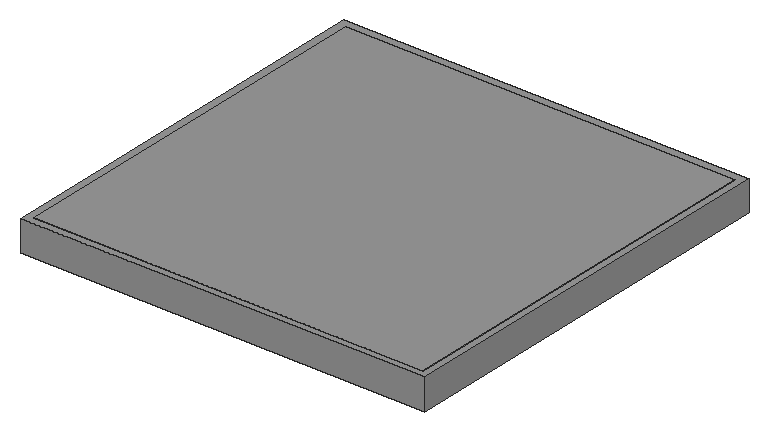
Revit family "ДВО-09 30 Вт Грильято DALI", category Осветительные приборы, Revit 2019 (continued)
Types (6, lengths in mm): name | Эффективность светильника | Файл фотометрической сетки | Тип рассеивателя | Световой поток модуля | built-in parameter 1150142 | Wattage | built-in parameter 1114217 | built-in parameter 1150134 | Lumens | built-in parameter 1150105 | Категория по ограничению яркости | built-in parameter 1150107 | built-in parameter 1150106 | Габаритная яркость | Артикул | URL
    0 0.0 0.0 0.0 0.0 0.0 0.0 0.0 0.0 0.0 0.0 0.0 0.0 0.0 0.0 0.0 0.0 0.0 0.0 0.0 0.0 0.0 0.0 0.0 0.0 0.0 0.0 0.0 0.0 0.0 0.0 0.0 0.0 0.0 0.0 0.0 0.0 0.0 0.0 0.0 0.0 0.0 0.0 0.0 0.0 0.0 0.0 0.0 0.0 0.0 0.0 0.0 0.0 0.0 0.0 0.0 0.0 0.0 0.0 0.0\r\n1213.1 1212.5 1211.4 1209.7 1207.7 1205.2 1202.4 1199.0 1195.1 1191.1 1186.4 1181.3 1175.8 1169.6 1163.1 1156.1 1148.7 1141.0 1132.7 1124.2 1115.2 1105.9 1096.5 1086.6 1076.2 1065.2 1054.2 1042.6 1030.9 1018.7 1006.2 993.3 980.2 966.5 952.8 939.0 924.7 910.3 895.5 880.5 865.0 849.3 833.2 816.8 800.2 783.4 766.4 749.3 732.0 714.6 697.1 679.1 660.9 642.4 623.7 604.6 585.4 566.0 546.5 526.9 507.2 487.3 467.1 446.8 426.5 405.8 385.0 364.5 343.5 322.9 301.9 281.4 260.6 240.4 219.8 200.1 180.2 161.0 141.9 123.4 105.7 88.9 73.1 58.6 45.7 34.3 25.1 18.0 12.9 9.6 7.6 6.6 6.2 6.1 6.2 6.2 6.2 6.2 6.3 6.3 0.0 0.0 0.0 0.0 0.0 0.0 0.0 0.0 0.0 0.0 0.0 0.0 0.0 0.0 0.0 0.0 0.0 0.0 0.0 0.0 0.0 0.0 0.0 0.0 0.0 0.0 0.0 0.0 0.0 0.0 0.0 0.0 0.0 0.0 0.0 0.0 0.0 0.0 0.0 0.0 0.0 0.0 0.0 0.0 0.0 0.0 0.0 0.0 0.0 0.0 0.0 0.0 0.0 0.0 0.0 0.0 0.0 0.0 0.0 0.0 0.0\r\n1213.1 1212.4 1211.4 1209.9 1207.9 1205.4 1202.5 1199.2 1195.4 1191.4 1186.7 1181.5 1176.1 1170.0 1163.6 1156.8 1149.5 1141.8 1133.8 1125.3 1116.3 1106.9 1097.4 1087.3 1076.9 1066.0 1055.1 1043.6 1032.1 1020.1 1007.7 995.1 982.0 968.3 954.5 940.5 926.0 911.6 896.4 881.5 865.6 850.1 833.9 817.7 801.0 784.3 767.3 750.5 733.2 716.1 698.4 680.8 662.5 644.3 625.5 606.7 587.4 568.2 548.4 528.9 509.0 489.1 468.8 448.8 428.2 407.8 387.1 366.6 345.6 325.0 304.0 283.4 262.5 242.3 221.7 201.9 182.0 162.7 143.6 124.9 107.4 90.3 74.6 59.7 46.8 35.2 26.0 18.6 13.5 10.1 7.9 6.9 6.3 6.1 6.2 6.2 6.2 6.2 6.3 6.4 0.0 0.0 0.0 0.0 0.0 0.0 0.0 0.0 0.0 0.0 0.0 0.0 0.0 0.0 0.0 0.0 0.0 0.0 0.0 0.0 0.0 0.0 0.0 0.0 0.0 0.0 0.0 0.0 0.0 0.0 0.0 0.0 0.0 0.0 0.0 0.0 0.0 0.0 0.0 0.0 0.0 0.0 0.0 0.0 0.0 0.0 0.0 0.0 0.0 0.0 0.0 0.0 0.0 0.0 0.0 0.0 0.0 0.0 0.0 0.0 0.0\r\n1213.1 1212.4 1211.2 1209.5 1207.3 1204.6 1201.4 1197.9 1193.9 1189.7 1184.8 1179.6 1173.9 1167.8 1161.1 1154.1 1146.5 1138.6 1130.3 1121.6 1112.5 1102.9 1093.3 1083.0 1072.6 1061.6 1050.5 1038.7 1027.0 1014.6 1002.0 989.0 975.7 961.8 947.9 933.7 919.2 904.6 889.6 874.5 859.0 843.5 827.5 811.2 794.7 777.8 760.8 743.6 726.1 708.5 690.7 672.6 654.3 635.8 617.2 598.2 579.1 559.8 540.3 520.6 500.6 480.7 460.3 440.2 419.4 399.0 378.2 357.6 336.7 316.2 295.3 275.0 254.3 234.4 214.1 194.5 175.0 156.0 137.2 119.1 101.8 85.3 70.0 55.8 43.3 32.6 23.9 17.1 12.4 9.3 7.5 6.7 6.4 6.3 6.4 6.4 6.3 6.4 6.5 6.6 0.0 0.0 0.0 0.0 0.0 0.0 0.0 0.0 0.0 0.0 0.0 0.0 0.0 0.0 0.0 0.0 0.0 0.0 0.0 0.0 0.0 0.0 0.0 0.0 0.0 0.0 0.0 0.0 0.0 0.0 0.0 0.0 0.0 0.0 0.0 0.0 0.0 0.0 0.0 0.0 0.0 0.0 0.0 0.0 0.0 0.0 0.0 0.0 0.0 0.0 0.0 0.0 0.0 0.0 0.0 0.0 0.0 0.0 0.0 0.0 0.0\r\n1213.1 1212.4 1211.0 1209.0 1206.6 1203.8 1200.3 1196.6 1192.3 1187.9 1182.9 1177.6 1171.6 1165.5 1158.5 1151.3 1143.5 1135.3 1126.8 1117.8 1108.6 1098.9 1089.1 1078.7 1068.2 1057.1 1045.8 1033.8 1021.8 1009.1 996.3 982.8 969.3 955.2 941.2 926.8 912.4 897.5 882.7 867.5 852.4 836.8 821.0 804.7 788.4 771.2 754.2 736.6 719.0 700.8 683.0 664.4 646.1 627.2 608.8 589.7 570.8 551.3 532.1 512.2 492.1 472.3 451.8 431.6 410.6 390.1 369.2 348.6 327.7 307.3 286.6 266.5 246.0 226.4 206.4 187.1 167.9 149.3 130.8 113.3 96.2 80.2 65.4 51.9 39.8 29.9 21.7 15.6 11.2 8.5 7.0 6.5 6.4 6.4 6.5 6.6 6.4 6.6 6.7 6.7 0.0 0.0 0.0 0.0 0.0 0.0 0.0 0.0 0.0 0.0 0.0 0.0 0.0 0.0 0.0 0.0 0.0 0.0 0.0 0.0 0.0 0.0 0.0 0.0 0.0 0.0 0.0 0.0 0.0 0.0 0.0 0.0 0.0 0.0 0.0 0.0 0.0 0.0 0.0 0.0 0.0 0.0 0.0 0.0 0.0 0.0 0.0 0.0 0.0 0.0 0.0 0.0 0.0 0.0 0.0 0.0 0.0 0.0 0.0 0.0 0.0\r\n1213.1 1212.5 1211.3 1209.5 1207.5 1205.0 1202.2 1198.8 1194.8 1190.7 1186.0 1181.0 1175.4 1169.1 1162.5 1155.4 1147.9 1140.1 1131.6 1123.0 1114.0 1104.9 1095.6 1085.8 1075.4 1064.4 1053.3 1041.6 1029.7 1017.2 1004.6 991.4 978.3 964.7 951.1 937.4 923.4 908.9 894.5 879.4 864.4 848.5 832.5 815.9 799.4 782.4 765.5 748.1 730.8 713.1 695.7 677.3 659.3 640.5 621.9 602.4 583.3 563.7 544.6 524.8 505.4 485.4 465.4 444.8 424.7 403.8 382.9 362.4 341.4 320.7 299.8 279.3 258.6 238.4 217.9 198.2 178.3 159.2 140.1 121.9 104.0 87.4 71.6 57.5 44.5 33.3 24.2 17.3 12.3 9.1 7.2 6.3 6.1 6.1 6.1 6.2 6.1 6.2 6.3 6.2 0.0 0.0 0.0 0.0 0.0 0.0 0.0 0.0 0.0 0.0 0.0 0.0 0.0 0.0 0.0 0.0 0.0 0.0 0.0 0.0 0.0 0.0 0.0 0.0 0.0 0.0 0.0 0.0 0.0 0.0 0.0 0.0 0.0 0.0 0.0 0.0 0.0 0.0 0.0 0.0 0.0 0.0 0.0 0.0 0.0 0.0 0.0 0.0 0.0 0.0 0.0 0.0 0.0 0.0 0.0 0.0 0.0 0.0 0.0 0.0 0.0\r\n1213.1 1212.5 1211.4 1209.7 1207.7 1205.2 1202.4 1199.0 1195.1 1191.1 1186.4 1181.3 1175.8 1169.6 1163.1 1156.1 1148.7 1141.0 1132.7 1124.2 1115.2 1105.9 1096.5 1086.6 1076.2 1065.2 1054.2 1042.6 1030.9 1018.7 1006.2 993.3 980.2 966.5 952.8 939.0 924.7 910.3 895.5 880.5 865.0 849.3 833.2 816.8 800.2 783.4 766.4 749.3 732.0 714.6 697.1 679.1 660.9 642.4 623.7 604.6 585.4 566.0 546.5 526.9 507.2 487.3 467.1 446.8 426.5 405.8 385.0 364.5 343.5 322.9 301.9 281.4 260.6 240.4 219.8 200.1 180.2 161.0 141.9 123.4 105.7 88.9 73.1 58.6 45.7 34.3 25.1 18.0 12.9 9.6 7.6 6.6 6.2 6.1 6.2 6.2 6.2 6.2 6.3 6.3 0.0 0.0 0.0 0.0 0.0 0.0 0.0 0.0 0.0 0.0 0.0 0.0 0.0 0.0 0.0 0.0 0.0 0.0 0.0 0.0 0.0 0.0 0.0 0.0 0.0 0.0 0.0 0.0 0.0 0.0 0.0 0.0 0.0 0.0 0.0 0.0 0.0 0.0 0.0 0.0 0.0 0.0 0.0 0.0 0.0 0.0 0.0 0.0 0.0 0.0 0.0 0.0 0.0 0.0 0.0 0.0 0.0 0.0 0.0 0.0 0.0\r\n1213.1 1212.4 1211.4 1209.9 1207.9 1205.4 1202.5 1199.2 1195.4 1191.4 1186.7 1181.5 1176.1 1170.0 1163.6 1156.8 1149.5 1141.8 1133.8 1125.3 1116.3 1106.9 1097.4 1087.3 1076.9 1066.0 1055.1 1043.6 1032.1 1020.1 1007.7 995.1 982.0 968.3 954.5 940.5 926.0 911.6 896.4 881.5 865.6 850.1 833.9 817.7 801.0 784.3 767.3 750.5 733.2 716.1 698.4 680.8 662.5 644.3 625.5 606.7 587.4 568.2 548.4 528.9 509.0 489.1 468.8 448.8 428.2 407.8 387.1 366.6 345.6 325.0 304.0 283.4 262.5 242.3 221.7 201.9 182.0 162.7 143.6 124.9 107.4 90.3 74.6 59.7 46.8 35.2 26.0 18.6 13.5 10.1 7.9 6.9 6.3 6.1 6.2 6.2 6.2 6.2 6.3 6.4 0.0 0.0 0.0 0.0 0.0 0.0 0.0 0.0 0.0 0.0 0.0 0.0 0.0 0.0 0.0 0.0 0.0 0.0 0.0 0.0 0.0 0.0 0.0 0.0 0.0 0.0 0.0 0.0 0.0 0.0 0.0 0.0 0.0 0.0 0.0 0.0 0.0 0.0 0.0 0.0 0.0 0.0 0.0 0.0 0.0 0.0 0.0 0.0 0.0 0.0 0.0 0.0 0.0 0.0 0.0 0.0 0.0 0.0 0.0 0.0 0.0\r\n1213.1 1212.4 1211.2 1209.5 1207.3 1204.6 1201.4 1197.9 1193.9 1189.7 1184.8 1179.6 1173.9 1167.8 1161.1 1154.1 1146.5 1138.6 1130.3 1121.6 1112.5 1102.9 1093.3 1083.0 1072.6 1061.6 1050.5 1038.7 1027.0 1014.6 1002.0 989.0 975.7 961.8 947.9 933.7 919.2 904.6 889.6 874.5 859.0 843.5 827.5 811.2 794.7 777.8 760.8 743.6 726.1 708.5 690.7 672.6 654.3 635.8 617.2 598.2 579.1 559.8 540.3 520.6 500.6 480.7 460.3 440.2 419.4 399.0 378.2 357.6 336.7 316.2 295.3 275.0 254.3 234.4 214.1 194.5 175.0 156.0 137.2 119.1 101.8 85.3 70.0 55.8 43.3 32.6 23.9 17.1 12.4 9.3 7.5 6.7 6.4 6.3 6.4 6.4 6.3 6.4 6.5 6.6 0.0 0.0 0.0 0.0 0.0 0.0 0.0 0.0 0.0 0.0 0.0 0.0 0.0 0.0 0.0 0.0 0.0 0.0 0.0 0.0 0.0 0.0 0.0 0.0 0.0 0.0 0.0 0.0 0.0 0.0 0.0 0.0 0.0 0.0 0.0 0.0 0.0 0.0 0.0 0.0 0.0 0.0 0.0 0.0 0.0 0.0 0.0 0.0 0.0 0.0 0.0 0.0 0.0 0.0 0.0 0.0 0.0 0.0 0.0 0.0 0.0\r\n1213.1 1212.4 1211.0 1209.0 1206.6 1203.8 1200.3 1196.6 1192.3 1187.9 1182.9 1177.6 1171.6 1165.5 1158.5 1151.3 1143.5 1135.3 1126.8 1117.8 1108.6 1098.9 1089.1 1078.7 1068.2 1057.1 1045.8 1033.8 1021.8 1009.1 996.3 982.8 969.3 955.2 941.2 926.8 912.4 897.5 882.7 867.5 852.4 836.8 821.0 804.7 788.4 771.2 754.2 736.6 719.0 700.8 683.0 664.4 646.1 627.2 608.8 589.7 570.8 551.3 532.1 512.2 492.1 472.3 451.8 431.6 410.6 390.1 369.2 348.6 327.7 307.3 286.6 266.5 246.0 226.4 206.4 187.1 167.9 149.3 130.8 113.3 96.2 80.2 65.4 51.9 39.8 29.9 21.7 15.6 11.2 8.5 7.0 6.5 6.4 6.4 6.5 6.6 6.4 6.6 6.7 6.7 0.0 0.0 0.0 0.0 0.0 0.0 0.0 0.0 0.0 0.0 0.0 0.0 0.0 0.0 0.0 0.0 0.0 0.0 0.0 0.0 0.0 0.0 0.0 0.0 0.0 0.0 0.0 0.0 0.0 0.0 0.0 0.0 0.0 0.0 0.0 0.0 0.0 0.0 0.0 0.0 0.0 0.0 0.0 0.0 0.0 0.0 0.0 0.0 0.0 0.0 0.0 0.0 0.0 0.0 0.0 0.0 0.0 0.0 0.0 0.0 0.0\r\n1213.1 1212.5 1211.3 1209.5 1207.5 1205.0 1202.2 1198.8 1194.8 1190.7 1186.0 1181.0 1175.4 1169.1 1162.5 1155.4 1147.9 1140.1 1131.6 1123.0 1114.0 1104.9 1095.6 1085.8 1075.4 1064.4 1053.3 1041.6 1029.7 1017.2 1004.6 991.4 978.3 964.7 951.1 937.4 923.4 908.9 894.5 879.4 864.4 848.5 832.5 815.9 799.4 782.4 765.5 748.1 730.8 713.1 695.7 677.3 659.3 640.5 621.9 602.4 583.3 563.7 544.6 524.8 505.4 485.4 465.4 444.8 424.7 403.8 382.9 362.4 341.4 320.7 299.8 279.3 258.6 238.4 217.9 198.2 178.3 159.2 140.1 121.9 104.0 87.4 71.6 57.5 44.5 33.3 24.2 17.3 12.3 9.1 7.2 6.3 6.1 6.1 6.1 6.2 6.1 6.2 6.3 6.2 0.0 0.0 0.0 0.0 0.0 0.0 0.0 0.0 0.0 0.0 0.0 0.0 0.0 0.0 0.0 0.0 0.0 0.0 0.0 0.0 0.0 0.0 0.0 0.0 0.0 0.0 0.0 0.0 0.0 0.0 0.0 0.0 0.0 0.0 0.0 0.0 0.0 0.0 0.0 0.0 0.0 0.0 0.0 0.0 0.0 0.0 0.0 0.0 0.0 0.0 0.0 0.0 0.0 0.0 0.0 0.0 0.0 0.0 0.0 0.0 0.0\r\n1213.1 1212.5 1211.4 1209.7 1207.7 1205.2 1202.4 1199.0 1195.1 1191.1 1186.4 1181.3 1175.8 1169.6 1163.1 1156.1 1148.7 1141.0 1132.7 1124.2 1115.2 1105.9 1096.5 1086.6 1076.2 1065.2 1054.2 1042.6 1030.9 1018.7 1006.2 993.3 980.2 966.5 952.8 939.0 924.7 910.3 895.5 880.5 865.0 849.3 833.2 816.8 800.2 783.4 766.4 749.3 732.0 714.6 697.1 679.1 660.9 642.4 623.7 604.6 585.4 566.0 546.5 526.9 507.2 487.3 467.1 446.8 426.5 405.8 385.0 364.5 343.5 322.9 301.9 281.4 260.6 240.4 219.8 200.1 180.2 161.0 141.9 123.4 105.7 88.9 73.1 58.6 45.7 34.3 25.1 18.0 12.9 9.6 7.6 6.6 6.2 6.1 6.2 6.2 6.2 6.2 6.3 6.3 0.0 0.0 0.0 0.0 0.0 0.0 0.0 0.0 0.0 0.0 0.0 0.0 0.0 0.0 0.0 0.0 0.0 0.0 0.0 0.0 0.0 0.0 0.0 0.0 0.0 0.0 0.0 0.0 0.0 0.0 0.0 0.0 0.0 0.0 0.0 0.0 0.0 0.0 0.0 0.0 0.0 0.0 0.0 0.0 0.0 0.0 0.0 0.0 0.0 0.0 0.0 0.0 0.0 0.0 0.0 0.0 0.0 0.0 0.0 0.0 0.0\r\n1213.1 1212.4 1211.4 1209.9 1207.9 1205.4 1202.5 1199.2 1195.4 1191.4 1186.7 1181.5 1176.1 1170.0 1163.6 1156.8 1149.5 1141.8 1133.8 1125.3 1116.3 1106.9 1097.4 1087.3 1076.9 1066.0 1055.1 1043.6 1032.1 1020.1 1007.7 995.1 982.0 968.3 954.5 940.5 926.0 911.6 896.4 881.5 865.6 850.1 833.9 817.7 801.0 784.3 767.3 750.5 733.2 716.1 698.4 680.8 662.5 644.3 625.5 606.7 587.4 568.2 548.4 528.9 509.0 489.1 468.8 448.8 428.2 407.8 387.1 366.6 345.6 325.0 304.0 283.4 262.5 242.3 221.7 201.9 182.0 162.7 143.6 124.9 107.4 90.3 74.6 59.7 46.8 35.2 26.0 18.6 13.5 10.1 7.9 6.9 6.3 6.1 6.2 6.2 6.2 6.2 6.3 6.4 0.0 0.0 0.0 0.0 0.0 0.0 0.0 0.0 0.0 0.0 0.0 0.0 0.0 0.0 0.0 0.0 0.0 0.0 0.0 0.0 0.0 0.0 0.0 0.0 0.0 0.0 0.0 0.0 0.0 0.0 0.0 0.0 0.0 0.0 0.0 0.0 0.0 0.0 0.0 0.0 0.0 0.0 0.0 0.0 0.0 0.0 0.0 0.0 0.0 0.0 0.0 0.0 0.0 0.0 0.0 0.0 0.0 0.0 0.0 0.0 0.0\r\n1213.1 1212.4 1211.2 1209.5 1207.3 1204.6 1201.4 1197.9 1193.9 1189.7 1184.8 1179.6 1173.9 1167.8 1161.1 1154.1 1146.5 1138.6 1130.3 1121.6 1112.5 1102.9 1093.3 1083.0 1072.6 1061.6 1050.5 1038.7 1027.0 1014.6 1002.0 989.0 975.7 961.8 947.9 933.7 919.2 904.6 889.6 874.5 859.0 843.5 827.5 811.2 794.7 777.8 760.8 743.6 726.1 708.5 690.7 672.6 654.3 635.8 617.2 598.2 579.1 559.8 540.3 520.6 500.6 480.7 460.3 440.2 419.4 399.0 378.2 357.6 336.7 316.2 295.3 275.0 254.3 234.4 214.1 194.5 175.0 156.0 137.2 119.1 101.8 85.3 70.0 55.8 43.3 32.6 23.9 17.1 12.4 9.3 7.5 6.7 6.4 6.3 6.4 6.4 6.3 6.4 6.5 6.6 0.0 0.0 0.0 0.0 0.0 0.0 0.0 0.0 0.0 0.0 0.0 0.0 0.0 0.0 0.0 0.0 0.0 0.0 0.0 0.0 0.0 0.0 0.0 0.0 0.0 0.0 0.0 0.0 0.0 0.0 0.0 0.0 0.0 0.0 0.0 0.0 0.0 0.0 0.0 0.0 0.0 0.0 0.0 0.0 0.0 0.0 0.0 0.0 0.0 0.0 0.0 0.0 0.0 0.0 0.0 0.0 0.0 0.0 0.0 0.0 0.0\r\n1213.1 1212.4 1211.0 1209.0 1206.6 1203.8 1200.3 1196.6 1192.3 1187.9 1182.9 1177.6 1171.6 1165.5 1158.5 1151.3 1143.5 1135.3 1126.8 1117.8 1108.6 1098.9 1089.1 1078.7 1068.2 1057.1 1045.8 1033.8 1021.8 1009.1 996.3 982.8 969.3 955.2 941.2 926.8 912.4 897.5 882.7 867.5 852.4 836.8 821.0 804.7 788.4 771.2 754.2 736.6 719.0 700.8 683.0 664.4 646.1 627.2 608.8 589.7 570.8 551.3 532.1 512.2 492.1 472.3 451.8 431.6 410.6 390.1 369.2 348.6 327.7 307.3 286.6 266.5 246.0 226.4 206.4 187.1 167.9 149.3 130.8 113.3 96.2 80.2 65.4 51.9 39.8 29.9 21.7 15.6 11.2 8.5 7.0 6.5 6.4 6.4 6.5 6.6 6.4 6.6 6.7 6.7 0.0 0.0 0.0 0.0 0.0 0.0 0.0 0.0 0.0 0.0 0.0 0.0 0.0 0.0 0.0 0.0 0.0 0.0 0.0 0.0 0.0 0.0 0.0 0.0 0.0 0.0 0.0 0.0 0.0 0.0 0.0 0.0 0.0 0.0 0.0 0.0 0.0 0.0 0.0 0.0 0.0 0.0 0.0 0.0 0.0 0.0 0.0 0.0 0.0 0.0 0.0 0.0 0.0 0.0 0.0 0.0 0.0 0.0 0.0 0.0 0.0\r\n1213.1 1212.5 1211.3 1209.5 1207.5 1205.0 1202.2 1198.8 1194.8 1190.7 1186.0 1181.0 1175.4 1169.1 1162.5 1155.4 1147.9 1140.1 1131.6 1123.0 1114.0 1104.9 1095.6 1085.8 1075.4 1064.4 1053.3 1041.6 1029.7 1017.2 1004.6 991.4 978.3 964.7 951.1 937.4 923.4 908.9 894.5 879.4 864.4 848.5 832.5 815.9 799.4 782.4 765.5 748.1 730.8 713.1 695.7 677.3 659.3 640.5 621.9 602.4 583.3 563.7 544.6 524.8 505.4 485.4 465.4 444.8 424.7 403.8 382.9 362.4 341.4 320.7 299.8 279.3 258.6 238.4 217.9 198.2 178.3 159.2 140.1 121.9 104.0 87.4 71.6 57.5 44.5 33.3 24.2 17.3 12.3 9.1 7.2 6.3 6.1 6.1 6.1 6.2 6.1 6.2 6.3 6.2 0.0 0.0 0.0 0.0 0.0 0.0 0.0 0.0 0.0 0.0 0.0 0.0 0.0 0.0 0.0 0.0 0.0 0.0 0.0 0.0 0.0 0.0 0.0 0.0 0.0 0.0 0.0 0.0 0.0 0.0 0.0 0.0 0.0 0.0 0.0 0.0 0.0 0.0 0.0 0.0 0.0 0.0 0.0 0.0 0.0 0.0 0.0 0.0 0.0 0.0 0.0 0.0 0.0 0.0 0.0 0.0 0.0 0.0 0.0 0.0 0.0\r\n1213.1 1212.5 1211.4 1209.7 1207.7 1205.2 1202.4 1199.0 1195.1 1191.1 1186.4 1181.3 1175.8 1169.6 1163.1 1156.1 1148.7 1141.0 1132.7 1124.2 1115.2 1105.9 1096.5 1086.6 1076.2 1065.2 1054.2 1042.6 1030.9 1018.7 1006.2 993.3 980.2 966.5 952.8 939.0 924.7 910.3 895.5 880.5 865.0 849.3 833.2 816.8 800.2 783.4 766.4 749.3 732.0 714.6 697.1 679.1 660.9 642.4 623.7 604.6 585.4 566.0 546.5 526.9 507.2 487.3 467.1 446.8 426.5 405.8 385.0 364.5 343.5 322.9 301.9 281.4 260.6 240.4 219.8 200.1 180.2 161.0 141.9 123.4 105.7 88.9 73.1 58.6 45.7 34.3 25.1 18.0 12.9 9.6 7.6 6.6 6.2 6.1 6.2 6.2 6.2 6.2 6.3 6.3 0.0 0.0 0.0 0.0 0.0 0.0 0.0 0.0 0.0 0.0 0.0 0.0 0.0 0.0 0.0 0.0 0.0 0.0 0.0 0.0 0.0 0.0 0.0 0.0 0.0 0.0 0.0 0.0 0.0 0.0 0.0 0.0 0.0 0.0 0.0 0.0 0.0 0.0 0.0 0.0 0.0 0.0 0.0 0.0 0.0 0.0 0.0 0.0 0.0 0.0 0.0 0.0 0.0 0.0 0.0 0.0 0.0 0.0 0.0 0.0 0.0\r\n1213.1 1212.4 1211.4 1209.9 1207.9 1205.4 1202.5 1199.2 1195.4 1191.4 1186.7 1181.5 1176.1 1170.0 1163.6 1156.8 1149.5 1141.8 1133.8 1125.3 1116.3 1106.9 1097.4 1087.3 1076.9 1066.0 1055.1 1043.6 1032.1 1020.1 1007.7 995.1 982.0 968.3 954.5 940.5 926.0 911.6 896.4 881.5 865.6 850.1 833.9 817.7 801.0 784.3 767.3 750.5 733.2 716.1 698.4 680.8 662.5 644.3 625.5 606.7 587.4 568.2 548.4 528.9 509.0 489.1 468.8 448.8 428.2 407.8 387.1 366.6 345.6 325.0 304.0 283.4 262.5 242.3 221.7 201.9 182.0 162.7 143.6 124.9 107.4 90.3 74.6 59.7 46.8 35.2 26.0 18.6 13.5 10.1 7.9 6.9 6.3 6.1 6.2 6.2 6.2 6.2 6.3 6.4 0.0 0.0 0.0 0.0 0.0 0.0 0.0 0.0 0.0 0.0 0.0 0.0 0.0 0.0 0.0 0.0 0.0 0.0 0.0 0.0 0.0 0.0 0.0 0.0 0.0 0.0 0.0 0.0 0.0 0.0 0.0 0.0 0.0 0.0 0.0 0.0 0.0 0.0 0.0 0.0 0.0 0.0 0.0 0.0 0.0 0.0 0.0 0.0 0.0 0.0 0.0 0.0 0.0 0.0 0.0 0.0 0.0 0.0 0.0 0.0 0.0\r\n1213.1 1212.4 1211.2 1209.5 1207.3 1204.6 1201.4 1197.9 1193.9 1189.7 1184.8 1179.6 1173.9 1167.8 1161.1 1154.1 1146.5 1138.6 1130.3 1121.6 1112.5 1102.9 1093.3 1083.0 1072.6 1061.6 1050.5 1038.7 1027.0 1014.6 1002.0 989.0 975.7 961.8 947.9 933.7 919.2 904.6 889.6 874.5 859.0 843.5 827.5 811.2 794.7 777.8 760.8 743.6 726.1 708.5 690.7 672.6 654.3 635.8 617.2 598.2 579.1 559.8 540.3 520.6 500.6 480.7 460.3 440.2 419.4 399.0 378.2 357.6 336.7 316.2 295.3 275.0 254.3 234.4 214.1 194.5 175.0 156.0 137.2 119.1 101.8 85.3 70.0 55.8 43.3 32.6 23.9 17.1 12.4 9.3 7.5 6.7 6.4 6.3 6.4 6.4 6.3 6.4 6.5 6.6 0.0 0.0 0.0 0.0 0.0 0.0 0.0 0.0 0.0 0.0 0.0 0.0 0.0 0.0 0.0 0.0 0.0 0.0 0.0 0.0 0.0 0.0 0.0 0.0 0.0 0.0 0.0 0.0 0.0 0.0 0.0 0.0 0.0 0.0 0.0 0.0 0.0 0.0 0.0 0.0 0.0 0.0 0.0 0.0 0.0 0.0 0.0 0.0 0.0 0.0 0.0 0.0 0.0 0.0 0.0 0.0 0.0 0.0 0.0 0.0 0.0\r\n1213.1 1212.4 1211.0 1209.0 1206.6 1203.8 1200.3 1196.6 1192.3 1187.9 1182.9 1177.6 1171.6 1165.5 1158.5 1151.3 1143.5 1135.3 1126.8 1117.8 1108.6 1098.9 1089.1 1078.7 1068.2 1057.1 1045.8 1033.8 1021.8 1009.1 996.3 982.8 969.3 955.2 941.2 926.8 912.4 897.5 882.7 867.5 852.4 836.8 821.0 804.7 788.4 771.2 754.2 736.6 719.0 700.8 683.0 664.4 646.1 627.2 608.8 589.7 570.8 551.3 532.1 512.2 492.1 472.3 451.8 431.6 410.6 390.1 369.2 348.6 327.7 307.3 286.6 266.5 246.0 226.4 206.4 187.1 167.9 149.3 130.8 113.3 96.2 80.2 65.4 51.9 39.8 
    29.9 21.7 15.6 11.2 8.5 7.0 6.5 6.4 6.4 6.5 6.6 6.4 6.6 6.7 6.7 0.0 0.0 0.0 0.0 0.0 0.0 0.0 0.0 0.0 0.0 0.0 0.0 0.0 0.0 0.0 0.0 0.0 0.0 0.0 0.0 0.0 0.0 0.0 0.0 0.0 0.0 0.0 0.0 0.0 0.0 0.0 0.0 0.0 0.0 0.0 0.0 0.0 0.0 0.0 0.0 0.0 0.0 0.0 0.0 0.0 0.0 0.0 0.0 0.0 0.0 0.0 0.0 0.0 0.0 0.0 0.0 0.0 0.0 0.0 0.0 0.0\r\n" | 24.9088 W | 0.8 (stored number, unit not read) | (empty or 0) | 3700 lm | 294.44 (stored number, unit not read) | "1" | 3000 (stored number, unit not read) | 2.9444 (stored number, unit not read) | "<5000 кд / м2" | "14950" | "http://innolux.pro/katalog/upravlenie-osveshheniem/dvo-09-30-vt-grilyato-dali/14950.html"
